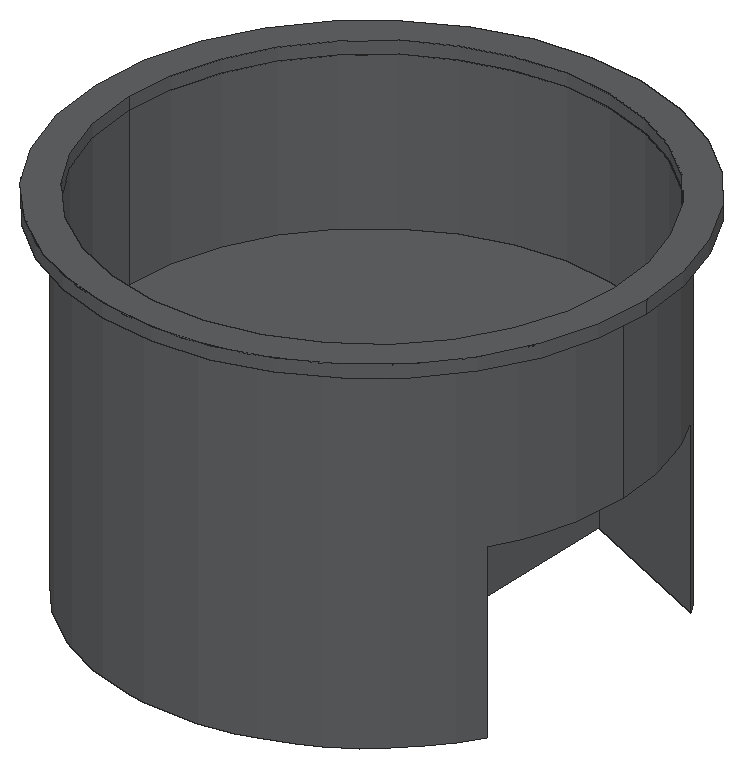
Revit family "Installationsdose", category Generic Models, Revit 2015
Parameters (values of type "MT R2 VDE")
  URL = "http://www.obo-bettermann.com"
  Radius 1 = 60 mm
  Radius = 65.5 mm
  Material = OBO PA Black
  Manufacturer Art.No. = "7408832"
  Manufacturer = "OBO Bettermann"
  Height = 85 mm
  GTIN = "4012196460601"
  Diameter = 116 mm
  Cut depth = 40.2 mm
  Article Type = "MT R2 VDE"
Types (4, lengths in mm): name | Manufacturer Art.No. | GTIN | Article Type
  (no name) | "7408832" | "4012196460601" | "MT R2 VDE"
  MT R2 VDE | "7408832" | "4012196460601" | "MT R2 VDE"
  MT R2 NF | "7408834" | "4012196460618" | "MT R2 NF"
  MT R2 1-1 | "7408838" | "4012196460663" | "MT R2 1-1"
Reference planes
  plane 1 "Center (Front/Back)": y = 0
  plane 2: z = 0
  plane 3 "Center (Left/Right)": x = 0
  plane 4: z = 85
  plane 5: z = 82
  plane 6: z = 44.8
  plane 7: z = 40.8
Forms (mm)
  Extrusion 1, solid, material "OBO PA Black" <- "Material"
    sketch origin (0, 0, 0) x (1, 0, 0) y (0, 1, 0)
      loop
        circle (0, 0) r 60
    from 0 to 82
  Extrusion 2, solid, material "OBO PA Black" <- "Material"
    sketch origin (0, 0, 0) x (1, 0, 0) y (0, 1, 0)
      loop
        circle (0, 0) r 65.5
    from 82 to 85
  Extrusion 3, void
    sketch origin (0, 0, 0) x (1, 0, 0) y (0, 1, 0)
      loop
        circle (0, 0) r 58
    from 44.8 to 85
  Extrusion 4, void
    sketch origin (0, 0, 0) x (1, 0, 0) y (0, 1, 0)
      loop
        line (18.1, 45) -> (18.1, -45) -> (76.408, -19.647) -> (76.408, 19.647) -> (18.1, 45)
    from 0 to 40.8
Cuts and joins
  Extrusion 3, Extrusion 4 cuts Extrusion 1
  Extrusion 3, Extrusion 4 cuts Extrusion 2
Dimensions and locks
  locked: plane 4 to plane 5 at 3
  "Height": plane 4 to level
  "Cut depth": plane 4 to plane 6
  locked: plane 3 "Center (Left/Right)" to Extrusion 4 sketch curve at 18.1
  locked: Extrusion 4 sketch curve to Extrusion 4 sketch curve at 90
  equal spacing: Extrusion 4 sketch curve, plane 1 "Center (Front/Back)", Extrusion 4 sketch curve, locked at 45 each
  locked: Extrusion 4 sketch curve to Extrusion 4 sketch curve at 58.308
  locked: Extrusion 4 sketch curve to Extrusion 4 sketch curve at 39.294
  equal spacing: Extrusion 4 sketch curve, plane 1 "Center (Front/Back)", Extrusion 4 sketch curve
  locked: plane 7 to level at 40.8
  Extrusion 4 to plane 3 "Center (Left/Right)" = 76.408 mm
  "Radius 1": radius of Extrusion 1 sketch curve
  "Radius": radius of Extrusion 2 sketch curve
  "Diameter": diameter of Extrusion 3 sketch curve
  locked: Extrusion 4 sketch curve to Extrusion 4 sketch curve (angle 66.50°)  (x2)
  aligned and locked: level to plane 2
  aligned and locked: Extrusion 1 to level
  aligned and locked: plane 5 to Extrusion 1
  aligned and locked: Extrusion 2 to plane 5
  aligned and locked: plane 4 to Extrusion 2
  aligned and locked: Extrusion 3 to plane 6
  aligned and locked: plane 4 to Extrusion 3
  aligned and locked: Extrusion 4 to level
  aligned and locked: plane 7 to Extrusion 4
Automatic sketch dimensions
  plane 1 "Center (Front/Back)" to Extrusion 1 sketch curve = 0 mm
  Extrusion 1 sketch curve to plane 3 "Center (Left/Right)" = 0 mm
  plane 1 "Center (Front/Back)" to Extrusion 2 sketch curve = 0 mm
  Extrusion 2 sketch curve to plane 3 "Center (Left/Right)" = 0 mm
  plane 1 "Center (Front/Back)" to Extrusion 3 sketch curve = 0 mm
  Extrusion 3 sketch curve to plane 3 "Center (Left/Right)" = 0 mm
